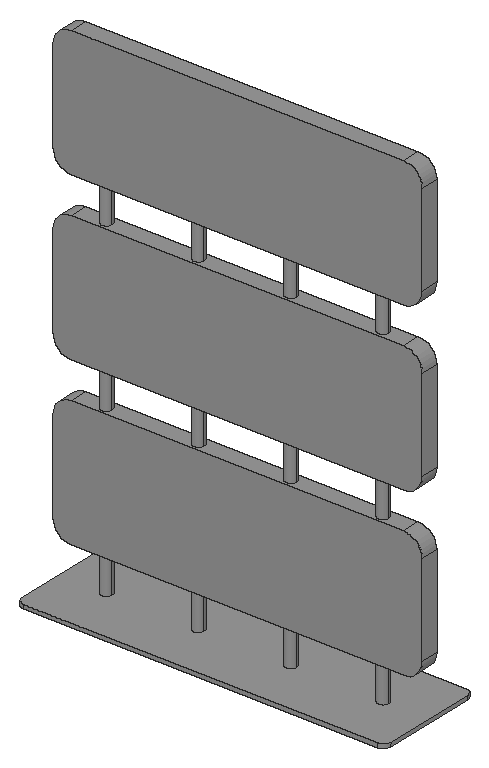
Revit family "GE6 -3 Panels", category Furniture, Revit 2019
Family settings
  OmniClass Number = 23.40.20.00
  OmniClass Title = General Furniture and Specialties
  Work Plane-Based = No
  Always vertical = Yes
  Cut with Voids When Loaded = No
  Shared = No
  Room Calculation Point = No
Parameters (values of type "1000 x 300 x 1350 High")
  Width = 1000 mm
  URL = "www.gof.co.uk"
  Supports = Gresham - SILVER METAL
  Support Dimensions = 250 mm
  Fins = GABRIEL Byron_15101
  Range = "SCREENS"
  Product Data Specification = ""
  Product Code = "GE6C1"
  Product Brochure = ""
  Model = "GE6"
  Manufacturer = "Gresham Office Furniture"  # constant formula
  Depth = 300 mm
  Base = Gresham - SILVER METAL
  Assembly Code = "E2020200"
Types (3, lengths in mm): name | Width | Support Dimensions | Product Code
  (no name) | 1000 | 250 | "GE6C1"
  1000 x 300 x 1350 High | 1000 | 250 | "GE6C1"
  1200 x 300 x 1350 High | 1200 | 300 | "GE6D1"
Reference planes
  plane 1 "Center (Front/Back)": y = 0
  plane 2: z = 0
  plane 3 "Center (Left/Right)": x = 0
  plane 4: y = -150
  plane 5: x = 500
  plane 6: x = -500
  plane 7: y = 150
  plane 8 "Base": z = 10
  plane 9: z = 1360
Forms (mm)
  Extrusion 1, solid, material "Gresham - SILVER METAL" <- "Base"
    sketch origin (0, 0, 5) x (0, -1, 0) y (1, 0, 0)
      loop
        arc (-150, -480) -> (-144.142, -494.142) -> (-130, -500) r 20
        line (-130, -500) -> (130, -500)
        arc (130, -500) -> (144.142, -494.142) -> (150, -480) r 20
        line (150, -480) -> (150, 480)
        arc (150, 480) -> (144.142, 494.142) -> (130, 500) r 20
        line (130, 500) -> (-130, 500)
        arc (-130, 500) -> (-144.142, 494.142) -> (-150, 480) r 20
        line (-150, 480) -> (-150, -480)
    from -5 to 5
  Extrusion 2, solid, material "GABRIEL Byron_15101" <- "Fins"
    sketch origin (0, 0, 10) x (1, 0, 0) y (0, 0, 1)
      loop
        line (450, 1350) -> (-450, 1350)
        arc (-450, 1350) -> (-485.355, 1335.355) -> (-500, 1300) r 50
        line (-500, 1300) -> (-500, 1050)
        arc (-500, 1050) -> (-485.355, 1014.645) -> (-450, 1000) r 50
        line (-450, 1000) -> (450, 1000)
        arc (450, 1000) -> (485.355, 1014.645) -> (500, 1050) r 50
        line (500, 1050) -> (500, 1300)
        arc (500, 1300) -> (485.355, 1335.355) -> (450, 1350) r 50
    from -25 to 25
  Extrusion 3, solid, material "GABRIEL Byron_15101" <- "Fins"
    sketch origin (0, 0, 1910) x (1, 0, 0) y (0, 0, 1)
      loop
        arc (450, -1350) -> (485.355, -1335.355) -> (500, -1300) r 50
        line (500, -1300) -> (500, -1050)
        arc (500, -1050) -> (485.355, -1014.645) -> (450, -1000) r 50
        line (450, -1000) -> (-450, -1000)
        arc (-450, -1000) -> (-485.355, -1014.645) -> (-500, -1050) r 50
        line (-500, -1050) -> (-500, -1300)
        arc (-500, -1300) -> (-485.355, -1335.355) -> (-450, -1350) r 50
        line (-450, -1350) -> (450, -1350)
    from -25 to 25
  Extrusion 4, solid, material "GABRIEL Byron_15101" <- "Fins"
    sketch origin (0, 0, 1460) x (1, 0, 0) y (0, 0, 1)
      loop
        arc (450, -1350) -> (485.355, -1335.355) -> (500, -1300) r 50
        line (500, -1300) -> (500, -1050)
        arc (500, -1050) -> (485.355, -1014.645) -> (450, -1000) r 50
        line (450, -1000) -> (-450, -1000)
        arc (-450, -1000) -> (-485.355, -1014.645) -> (-500, -1050) r 50
        line (-500, -1050) -> (-500, -1300)
        arc (-500, -1300) -> (-485.355, -1335.355) -> (-450, -1350) r 50
        line (-450, -1350) -> (450, -1350)
    from -25 to 25
  Extrusion 5, solid, material "Gresham - SILVER METAL" <- "Supports"
    sketch origin (0, 0, 10) x (-1, 0, 0) y (0, -1, 0)
      loop
        circle (-375, 0) r 15
      loop
        circle (-125, 0) r 15
      loop
        circle (375, 0) r 15
      loop
        circle (125, 0) r 15
    from 0 to 100
  Extrusion 6, solid, material "Gresham - SILVER METAL" <- "Supports"
    sketch origin (0, 0, 460) x (-1, 0, 0) y (0, -1, 0)
      loop
        circle (-375, 0) r 15
      loop
        circle (-125, 0) r 15
      loop
        circle (375, 0) r 15
      loop
        circle (125, 0) r 15
    from 0 to 100
  Extrusion 7, solid, material "Gresham - SILVER METAL" <- "Supports"
    sketch origin (0, 0, 910) x (-1, 0, 0) y (0, -1, 0)
      loop
        circle (-375, 0) r 15
      loop
        circle (-125, 0) r 15
      loop
        circle (375, 0) r 15
      loop
        circle (125, 0) r 15
    from 0 to 100
Dimensions and locks
  equal spacing: plane 6, plane 3 "Center (Left/Right)", plane 5
  "Width": plane 6 to plane 5
  equal spacing: plane 7, plane 1 "Center (Front/Back)", plane 4
  "Depth": plane 7 to plane 4
  plane 8 "Base" to level = 10 mm
  "Support Dimensions": Extrusion 5 sketch curve to Extrusion 5 sketch curve  (x3)
  "Support Dimensions": Extrusion 6 sketch curve to Extrusion 6 sketch curve  (x3)
  "Support Dimensions": Extrusion 7 sketch curve to Extrusion 7 sketch curve  (x3)
  equal spacing: Extrusion 7 sketch curve, plane 3 "Center (Left/Right)", Extrusion 7 sketch curve
  equal spacing: Extrusion 5 sketch curve, plane 3 "Center (Left/Right)", Extrusion 5 sketch curve
  equal spacing: Extrusion 6 sketch curve, plane 3 "Center (Left/Right)", Extrusion 6 sketch curve
  plane 9 to level = 1360 mm
  aligned and locked: level to plane 2
Automatic sketch dimensions
  Extrusion 1 sketch curve to plane 7 = 0 mm
  Extrusion 1 sketch curve to plane 6 = 0 mm
  Extrusion 1 sketch curve to plane 5 = 0 mm
  Extrusion 1 sketch curve to plane 4 = 0 mm
  Extrusion 1 sketch curve to plane 7 = 20 mm  (x2)
  plane 4 to Extrusion 1 sketch curve = 20 mm  (x2)
  Extrusion 2 sketch curve to plane 6 = 0 mm
  plane 5 to Extrusion 2 sketch curve = 0 mm
  plane 6 to Extrusion 2 sketch curve = 50 mm
  Extrusion 2 sketch curve to Extrusion 2 sketch curve = 50 mm  (x3)
  Extrusion 2 sketch curve to Extrusion 2 sketch curve = 250 mm
  Extrusion 3 sketch curve to plane 6 = 0 mm
  plane 5 to Extrusion 3 sketch curve = 0 mm
  Extrusion 3 sketch curve to plane 6 = 50 mm  (x2)
  Extrusion 3 sketch curve to Extrusion 3 sketch curve = 50 mm  (x2)
  Extrusion 3 sketch curve to Extrusion 3 sketch curve = 250 mm
  Extrusion 4 sketch curve to plane 6 = 0 mm
  plane 5 to Extrusion 4 sketch curve = 0 mm
  Extrusion 4 sketch curve to plane 6 = 50 mm  (x2)
  Extrusion 4 sketch curve to Extrusion 4 sketch curve = 50 mm  (x2)
  Extrusion 4 sketch curve to plane 8 "Base" = 450 mm
  Extrusion 4 sketch curve to plane 8 "Base" = 150 mm
  plane 8 "Base" to Extrusion 2 sketch curve = 1000 mm
  Extrusion 3 sketch curve to plane 8 "Base" = 900 mm
  plane 1 "Center (Front/Back)" to Extrusion 5 sketch curve = 0 mm  (x4)
  plane 1 "Center (Front/Back)" to Extrusion 6 sketch curve = 0 mm  (x4)
  plane 1 "Center (Front/Back)" to Extrusion 7 sketch curve = 0 mm  (x4)
  radius of Extrusion 5 sketch curve = 15 mm  (x4)
  radius of Extrusion 6 sketch curve = 15 mm  (x4)
  radius of Extrusion 7 sketch curve = 15 mm  (x4)
